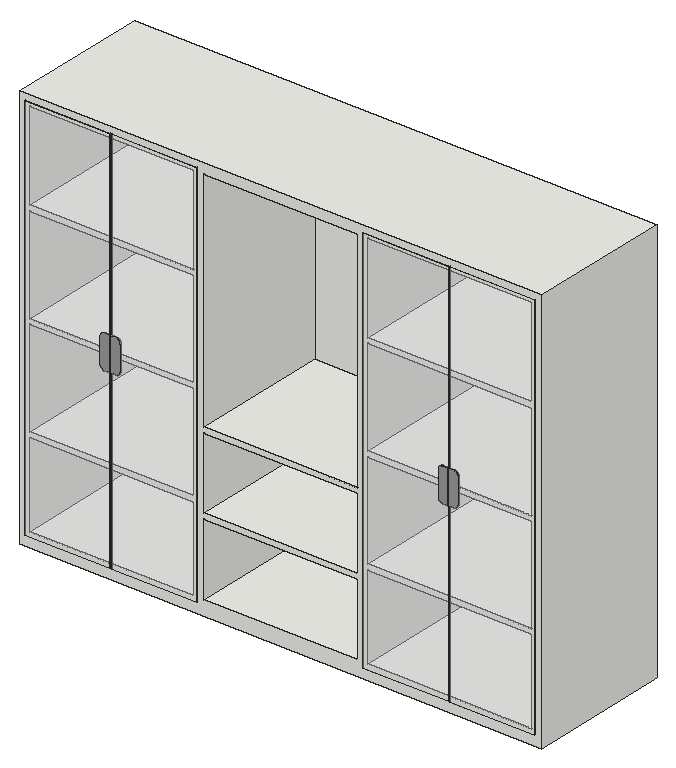
Revit family "Entertainment Center", category Furniture, Revit 2018
Family settings
  OmniClass Number = 23.40.20.14.17
  OmniClass Title = Residential Tables and Cabinets
  Work Plane-Based = No
  Always vertical = Yes
  Cut with Voids When Loaded = No
  Shared = No
  Room Calculation Point = No
Parameters (values of type "96" x 84" x 30"")
  Material = Laminate, Ivory, Matte
  Assembly Code = "E2020200"
  Center Width = 2' - 8"
  Depth = 2' - 6"
  Height = 7' - 0"
  Width = 9' - 0"
Types (3): name | Material | Depth | Height | Width
  (no name) | Laminate, Ivory, Matte | 2' - 6" | 7' - 0" | 9' - 0"
  72" x 72" x 24" | none | 2' - 0" | 6' - 0" | 6' - 0"
  96" x 84" x 30" | Laminate, Ivory, Matte | 2' - 6" | 7' - 0" | 9' - 0"
Reference planes (in)
  plane 1: y = -16
  plane 2: z = 0
  plane 3: x = 0
  plane 4 "Back": y = -1
  plane 5 "Front": y = -31
  plane 6 "Right": x = 54
  plane 7 "Left": x = -54
  plane 8: z = 84
  plane 9: x = -52
  plane 10: x = -16
  plane 11: x = 16
  plane 12: x = 52
  plane 13: x = -54
  plane 14: x = 54
  plane 15: z = 63
  plane 16: z = 42
  plane 17: z = 21
  plane 18: x = -17
  plane 19: x = 17
  plane 20: x = -35
  plane 21: x = 35
  plane 22: x = -52
  plane 23: x = -18
  plane 24: x = 18
  plane 25: x = 52
Forms (in)
  Extrusion 1, solid, material "Laminate, Ivory, Matte" <- "Material"
    sketch origin (0, 0, 0) x (1, 0, 0) y (0, 0, 1)
      loop
        line (-54, 0) -> (54, 0) -> (54, 84) -> (-54, 84) -> (-54, 0)
      loop
        line (-52, 82) -> (-52, 63.5) -> (-18, 63.5) -> (-18, 82) -> (-52, 82)
      loop
        line (-52, 3) -> (-18, 3) -> (-18, 20.5) -> (-52, 20.5) -> (-52, 3)
      loop
        line (52, 82) -> (18, 82) -> (18, 63.5) -> (52, 63.5) -> (52, 82)
      loop
        line (-16, 82) -> (-16, 35) -> (16, 35) -> (16, 82) -> (-16, 82)
      loop
        line (-16, 3) -> (16, 3) -> (16, 18) -> (-16, 18) -> (-16, 3)
      loop
        line (18, 3) -> (52, 3) -> (52, 20.5) -> (18, 20.5) -> (18, 3)
      loop
        line (-18, 21.5) -> (-18, 41.5) -> (-52, 41.5) -> (-52, 21.5) -> (-18, 21.5)
      loop
        line (-52, 62.5) -> (-52, 42.5) -> (-18, 42.5) -> (-18, 62.5) -> (-52, 62.5)
      loop
        line (52, 62.5) -> (18, 62.5) -> (18, 42.5) -> (52, 42.5) -> (52, 62.5)
      loop
        line (52, 41.5) -> (18, 41.5) -> (18, 21.5) -> (52, 21.5) -> (52, 41.5)
      loop
        line (-16, 19) -> (16, 19) -> (16, 34) -> (-16, 34) -> (-16, 19)
    from 1 to 30.75
  Extrusion 2, solid, material "Laminate, Ivory, Matte" <- "Material"
    sketch origin (0, -1, 0) x (-1, 0, 0) y (0, 0, 1)
      loop
        line (52, 82) -> (-52, 82) -> (-52, 3) -> (52, 3) -> (52, 82)
    from 0 to -1
  Extrusion 3, solid, material "Glass - Clear, Grey"
    sketch origin (0, -31, 0) x (-1, 0, 0) y (0, 0, 1)
      loop
        line (52.75, 82.75) -> (35.125, 82.75) -> (35.125, 2) -> (52.75, 2) -> (52.75, 82.75)
      loop
        line (17.25, 2) -> (34.875, 2) -> (34.875, 82.75) -> (17.25, 82.75) -> (17.25, 2)
      loop
        line (-52.75, 82.75) -> (-52.75, 2) -> (-35.125, 2) -> (-35.125, 82.75) -> (-52.75, 82.75)
      loop
        line (-17.25, 2) -> (-17.25, 82.75) -> (-34.875, 82.75) -> (-34.875, 2) -> (-17.25, 2)
    from 0 to 0.25
  Extrusion 4, solid, material "Steel, Chrome Plated"
    sketch origin (0, -31, 0) x (-1, 0, 0) y (0, 0, 1)
      loop
        line (34.875, 45.5) -> (33.92121, 45.5)
        arc (33.92121, 45.5) -> (33.2141, 45.20711) -> (32.92121, 44.5) r 1
        line (32.92121, 44.5) -> (32.92121, 39.5)
        arc (32.92121, 39.5) -> (33.2141, 38.79289) -> (33.92121, 38.5) r 1
        line (33.92121, 38.5) -> (34.875, 38.5) -> (34.875, 45.5)
      loop
        line (35.125, 45.5) -> (35.125, 38.5) -> (36.09375, 38.5)
        arc (36.09375, 38.5) -> (36.80086, 38.79289) -> (37.09375, 39.5) r 1
        line (37.09375, 39.5) -> (37.09375, 44.5)
        arc (37.09375, 44.5) -> (36.80086, 45.20711) -> (36.09375, 45.5) r 1
        line (36.09375, 45.5) -> (35.125, 45.5)
      loop
        line (-34.875, 45.5) -> (-34.875, 38.5) -> (-33.92121, 38.5)
        arc (-33.92121, 38.5) -> (-33.2141, 38.79289) -> (-32.92121, 39.5) r 1
        line (-32.92121, 39.5) -> (-32.92121, 44.5)
        arc (-32.92121, 44.5) -> (-33.2141, 45.20711) -> (-33.92121, 45.5) r 1
        line (-33.92121, 45.5) -> (-34.875, 45.5)
      loop
        line (-35.125, 45.5) -> (-36.09375, 45.5)
        arc (-36.09375, 45.5) -> (-36.80086, 45.20711) -> (-37.09375, 44.5) r 1
        line (-37.09375, 44.5) -> (-37.09375, 39.5)
        arc (-37.09375, 39.5) -> (-36.80086, 38.79289) -> (-36.09375, 38.5) r 1
        line (-36.09375, 38.5) -> (-35.125, 38.5) -> (-35.125, 45.5)
    from 0 to -0.125
Cuts and joins
  joined: Extrusion 1, Extrusion 2
Lines and regions (in)
  Masking region 1
    outline origin (0, 0, 0) x (1, 0, 0) y (0, 1, 0)
      loop
        line (-54, -1) -> (-54, -31) -> (54, -31) -> (54, -1) -> (-54, -1)
Dimensions and locks (in)
  locked: plane 13 to plane 9 at 2
  locked: plane 12 to plane 14 at 2
  plane 8 to Extrusion 1 sketch curve = 0' - 2"
  Extrusion 1 sketch curve to plane 2 = 0' - 3"
  Extrusion 1 sketch curve to Extrusion 1 sketch curve = 0' - 1"  (x2)
  "Width": plane 7 "Left" to plane 6 "Right"
  equal spacing: plane 7 "Left", plane 3, plane 6 "Right"
  equal spacing: plane 4 "Back", plane 1, plane 5 "Front"
  "Depth": plane 4 "Back" to plane 5 "Front"
  equal spacing: plane 8, plane 15, plane 16, plane 17, plane 2
  locked: Extrusion 1 sketch curve to plane 15 at 0.5
  locked: plane 15 to Extrusion 1 sketch curve at 0.5
  locked: Extrusion 1 sketch curve to plane 16 at 0.5
  locked: plane 16 to Extrusion 1 sketch curve at 0.5
  locked: Extrusion 1 sketch curve to plane 17 at 0.5
  locked: plane 17 to Extrusion 1 sketch curve at 0.5
  "Height": plane 8 to plane 2
  "Center Width": plane 10 to plane 11
  equal spacing: plane 10, plane 3, plane 11
  locked: plane 18 to plane 10 at 1
  locked: plane 11 to plane 19 at 1
  locked: plane 7 "Left" to plane 22 at 2
  locked: plane 23 to plane 18 at 1
  locked: plane 19 to plane 24 at 1
  locked: plane 25 to plane 6 "Right" at 2
  equal spacing: plane 22, plane 20, plane 23
  equal spacing: plane 24, plane 21, plane 25
  aligned and locked: Extrusion 1 sketch curve to plane 13
  aligned and locked: Extrusion 1 sketch curve to plane 14
  aligned and locked: plane 13 to plane 7 "Left"
  aligned and locked: Extrusion 1 sketch curve to Extrusion 1 sketch curve  (x2)
  aligned and locked: plane 14 to plane 6 "Right"
  aligned and locked: plane 4 "Back" to Extrusion 1
  aligned and locked: Extrusion 1 to Extrusion 3
  aligned and locked: Extrusion 4 sketch curve to Extrusion 3  (x2)
  aligned and locked: Extrusion 3 to Extrusion 4 sketch curve  (x2)
  aligned and locked: Masking region 1 sketch curve to plane 6 "Right"
  aligned and locked: plane 7 "Left" to Masking region 1 sketch curve
  aligned and locked: Masking region 1 sketch curve to plane 4 "Back"
  aligned and locked: plane 5 "Front" to Masking region 1 sketch curve
Automatic sketch dimensions
  Extrusion 1 sketch curve to plane 9 = 0' - 0"  (x4)
  Extrusion 1 sketch curve to plane 10 = 0' - 0"  (x3)
  Extrusion 1 sketch curve to plane 11 = 0' - 0"  (x3)
  Extrusion 1 sketch curve to plane 12 = 0' - 0"  (x4)
  Extrusion 1 sketch curve to Extrusion 1 sketch curve = 0' - 2"  (x2)
  Extrusion 1 sketch curve to plane 11 = 0' - 2"
  Extrusion 1 sketch curve to plane 8 = 0' - 0"
  Extrusion 1 sketch curve to Extrusion 1 sketch curve = 0' - 0"  (x6)
  Extrusion 1 sketch curve to level = 0' - 0"
  level to Extrusion 1 sketch curve = 0' - 3"
  plane 8 to Extrusion 1 sketch curve = 0' - 2"
  Extrusion 1 sketch curve to Extrusion 1 sketch curve = 0' - 6 1/2"  (x2)
  Extrusion 1 sketch curve to Extrusion 1 sketch curve = 0' - 1"  (x2)
  Extrusion 1 sketch curve to Extrusion 1 sketch curve = 0' - 1 1/2"  (x2)
  Extrusion 2 sketch curve to plane 6 "Right" = 0' - 2"
  plane 7 "Left" to Extrusion 2 sketch curve = 0' - 2"
  level to Extrusion 2 sketch curve = 0' - 3"
  plane 8 to Extrusion 2 sketch curve = 0' - 2"
  plane 18 to Extrusion 1 sketch curve = 0' - 1"
  Extrusion 3 sketch curve to plane 6 "Right" = 0' - 1 1/4"
  Extrusion 3 sketch curve to plane 21 = 0' - 0 1/8"
  plane 21 to Extrusion 3 sketch curve = 0' - 0 1/8"
  Extrusion 3 sketch curve to plane 19 = 0' - 0 1/4"
  plane 18 to Extrusion 3 sketch curve = 0' - 0 1/4"
  Extrusion 3 sketch curve to plane 20 = 0' - 0 1/8"
  plane 20 to Extrusion 3 sketch curve = 0' - 0 1/8"
  plane 7 "Left" to Extrusion 3 sketch curve = 0' - 1 1/4"
  level to Extrusion 3 sketch curve = 0' - 2"  (x4)
  plane 8 to Extrusion 3 sketch curve = 0' - 1 1/4"  (x4)
  Extrusion 4 sketch curve to Extrusion 4 sketch curve = 0' - 0 31/32"  (x4)
  Extrusion 4 sketch curve to Extrusion 4 sketch curve = 0' - 1"  (x5)
  Extrusion 4 sketch curve to Extrusion 4 sketch curve = 0' - 0.95379"  (x4)
  Extrusion 4 sketch curve to Extrusion 4 sketch curve = 0' - 1.95379"
  plane 16 to Extrusion 4 sketch curve = 0' - 3 1/2"  (x2)
  Extrusion 4 sketch curve to Extrusion 4 sketch curve = 0' - 0"  (x2)
  Extrusion 4 sketch curve to plane 16 = 0' - 2 1/2"  (x2)
